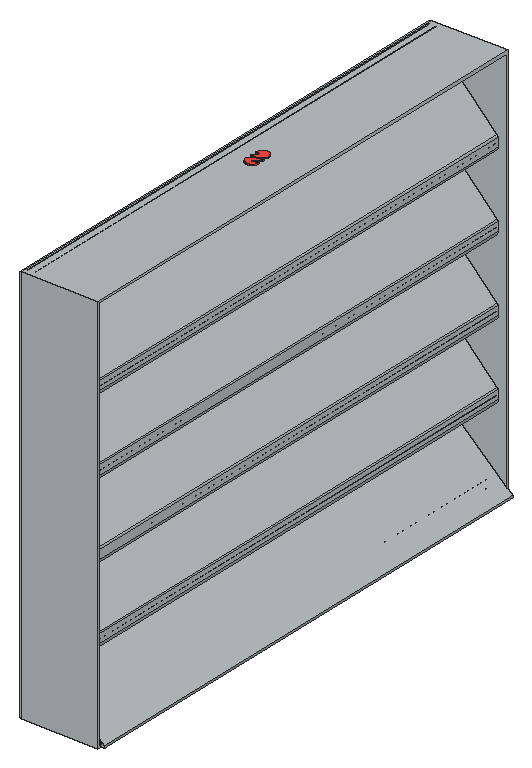
Revit family "NLRS_57_AIR_UN_steel_wheather_wall_louvre_bmxt_exhaust_LT_sacs", category Air Terminals, Revit 2022
Family settings
  Round Connector Dimension = Use Diameter
  Part Type = Normal
  OmniClass Number = 23.75.70.21.27.11
  OmniClass Title = Diffusers, Registers, and Grilles
  Work Plane-Based = No
  Always vertical = No
  Cut with Voids When Loaded = Yes
  Shared = No
  Room Calculation Point = Yes
Parameters (values of type "BMXTGO")
  Type Comments = ""
  SACS_c01_width [instance] = if(SACS_Allow_custom_size, if(not(SACS_Width > 4000.00 mm), roundup(SACS_Width / 5.00 mm) * 5.00 mm, 4000.00 mm), SACS_Price_Width)  # 425.00 mm
  SACS_c01_height [instance] = if(SACS_Allow_custom_size, if(not(SACS_Height > 2025.00 mm), if(not(SACS_Height < 205.00 mm), roundup(SACS_Height / 5.00 mm) * 5.00 mm, 205.00 mm), 2025.00 mm), SACS_Price_Height)  # 325.00 mm
  SACS_Z_Offset [instance] = (60.00 mm * (SACS_Index_Rows)) - 7.00 mm  # 233.00 mm
  SACS_Width [instance] = 425.00 mm
  SACS_Warning_Text_Sound [instance] = if(SACS_Warning_Sound, "Sound over requested value", " ")  # " "
  SACS_Warning_Text_Size [instance] = if(SACS_Warning_Size, if(SACS_Subindex = 3, "Unallowed size selected", "Special size: extra setup cost €46 per size, per order"), " ")  # " "
  SACS_Warning_Text_Ploss [instance] = if(SACS_Warning_Ploss, "Total Pressure loss over requested value", " ")  # " "
  SACS_Warning_Text_Other [instance] = if(and(not(SACS_Standard_RAL), not([Color option (0-4)] = 2)), "Colorchange € 157,-- per delivery and per color", " ")  # " "
  SACS_Warning_Sound [instance] = if(SACS_Lp_dBA > SACS_Max_Lp_dBA, 1 = 1, 1 = 0)  # no
  SACS_Warning_Size [instance] = SACS_Subindex > 1  # no
  SACS_Warning_Sign [instance] = if(and(not(SACS_Warning_Disabled), or(SACS_Warning_Ploss, SACS_Warning_Size, SACS_Warning_Sound)), 1 = 1, 1 = 0)  # no
  SACS_Warning_Ploss [instance] = if(NLRS_M_c01_drukverlies_statisch > SACS_Max_Ploss, 1 = 1, 1 = 0)  # no
  SACS_Warning_Disabled [instance] = no
  SACS_Type_Mark [instance] = ""
  SACS_Subindex [instance] = if(and(SACS_Width = SACS_Price_Width, SACS_Height = SACS_Price_Height), 0, if(and(SACS_Allow_custom_size, SACS_Width = SACS_c01_width, SACS_Height = SACS_c01_height), 1, if(SACS_Allow_custom_size, 2, 3)))  # 0
  SACS_Standard_RAL [instance] = [Color option (0-4)] < 1  # yes
  SACS_Size_Check [instance] = if(SACS_Subindex = 0, "Standard size", if(SACS_Subindex = 1, "Custom size", if(SACS_Subindex = 2, "Corrected custom size (allowed size steps are 5mm)", "Custom sizes are disabled!")))  # "Standard size"
  SACS_Show_Part_3 [instance] = (SACS_c01_height - 10.00 mm) = round((SACS_c01_height - 10.00 mm) / 60.00 mm) * 60.00 mm  # no
  SACS_Show_Part_2 [instance] = and(not(SACS_Show_Part_1), not(SACS_Show_Part_3), not((SACS_c01_height - 25.00 mm) = round((SACS_c01_height - 25.00 mm) / 60.00 mm) * 60.00 mm))  # no
  SACS_Show_Part_1 [instance] = (SACS_c01_height - 20.00 mm) = round((SACS_c01_height - 20.00 mm) / 60.00 mm) * 60.00 mm  # no
  SACS_Show_Arrow [instance] = yes
  SACS_Ps_Calculation [instance] = round(if(SACS_Air_Flow > 0.0 m³/h, (((SACS_Air_Flow / 3600.0 m³/h) / (SACS_Calculation_1 / 10000) / 0.54) ^ 2) * 0.6, 0) * 10) / 10  # 0
  SACS_Product_Cost [instance] = if(and(SACS_c01_width = SACS_Price_Width, SACS_c01_height = SACS_Price_Height), roundup(size_lookup(SACS_Data_Hidden, "Cost", 0, if(SACS_Base_Index = 6, 1.00 mm, 3.00 mm), SACS_Price_Width, SACS_Price_Height) * 1.2), roundup(roundup(size_lookup(SACS_Data_Hidden, "Cost", 0, if(SACS_Base_Index = 6, 1.00 mm, 3.00 mm), SACS_Price_Width, SACS_Price_Height) * 1.2) * 1.1))  # 146
  SACS_Price_Width [instance] = if(SACS_Width > 1825.00 mm, 2025.00 mm, if(SACS_Width > 1625.00 mm, 1825.00 mm, if(SACS_Width > 1425.00 mm, 1625.00 mm, if(SACS_Width > 1225.00 mm, 1425.00 mm, if(SACS_Width > 1025.00 mm, 1225.00 mm, if(SACS_Width > 825.00 mm, 1025.00 mm, if(SACS_Width > 625.00 mm, 825.00 mm, if(SACS_Width > 425.00 mm, 625.00 mm, 425.00 mm))))))))  # 425.00 mm
  SACS_Price_Height [instance] = if(SACS_Height > 1825.00 mm, 2025.00 mm, if(SACS_Height > 1625.00 mm, 1825.00 mm, if(SACS_Height > 1425.00 mm, 1625.00 mm, if(SACS_Height > 1225.00 mm, 1425.00 mm, if(SACS_Height > 1025.00 mm, 1225.00 mm, if(SACS_Height > 825.00 mm, 1025.00 mm, if(SACS_Height > 525.00 mm, 825.00 mm, if(SACS_Height > 325.00 mm, 525.00 mm, 325.00 mm))))))))  # 325.00 mm
  SACS_Price_Date [instance] = size_lookup(SACS_Data_Hidden, "Date", "NB", if(SACS_Base_Index = 6, 1.00 mm, 3.00 mm), SACS_Price_Width, SACS_Price_Height)  # "1-4-2025"
  SACS_Option_5 [instance] = if([Color option (0-4)] < 3, SACS_Color, if(SACS_Non_Standard_RAL, "Custom RAL color", "Custom not RAL color"))  # "Sendzimir galvanised"
  SACS_Option_3 [instance] = if(or(SACS_Base_Index = 2, SACS_Base_Index = 4), "I = Mounting frame", "O = None")  # "O = None"
  SACS_Option_2 [instance] = if(SACS_Base_Index = 6, "G = Galvanised wire mesh", "S = Stainless steel wire mesh")  # "G = Galvanised wire mesh"
  SACS_Option_1 [instance] = "BMXT = Without flange"  # constant formula
  SACS_Non_Standard_RAL [instance] = and([Color option (0-4)] > 0, [Color option (0-4)] < 4)  # no
  SACS_Model [instance] = if(or(SACS_Subindex = 1, SACS_Subindex = 2), size_lookup(SACS_Data_Hidden, "", "NB", SACS_Base_Index * 1.00 mm), size_lookup(SACS_Data_Hidden, "Model", "NB", SACS_Base_Index * 1.00 mm, SACS_c01_width, SACS_c01_height))  # "BMXTGO 425x325"
  SACS_Max_Ploss [instance] = 100.0 Pa
  SACS_Max_Lp_dBA [instance] = 45
  SACS_Lp_dBA [instance] = if(SACS_Lp_Calculation > 0, SACS_Lp_Calculation, 0)  # 0
  SACS_Lp_Calculation [instance] = if(SACS_Air_Flow > 0.0 m³/h, round((50 + (10 * (log(SACS_Calculation_1 / 20000) / log(10)))) + (60 * (log((((NLRS_M_c01_debiet / 3600.0 m³/h) / (SACS_Calculation_1 / 10000) / 0.54)) / 9.22) / log(10)))), 0)  # 0
  SACS_Logo_Z [instance] = if(or(SACS_Base_Index = 5, SACS_Base_Index = 6), -4.50 mm, -1.00 mm)  # -4.50 mm
  SACS_Index_Rows [instance] = rounddown((SACS_c01_height - 85.00 mm) / 60.00 mm)  # 4
  SACS_Hidden_Text [instance] = if(SACS_Non_Standard_RAL, "RALCost", "OtherCost")  # "OtherCost"
  SACS_Height [instance] = 325.00 mm
  SACS_Gross_Cost [instance] = if(or(SACS_Height > 2025.00 mm, SACS_Width > 2025.00 mm), 0, SACS_Product_Cost + SACS_Color_Cost)  # 146
  SACS_Free_Area [instance] = round(SACS_Calculation_1) * 100 mm²  # 42300 mm²
  SACS_Frame_1 [instance] = if(or(SACS_Base_Index = 2, SACS_Base_Index = 4), 1 = 1, 1 = 0)  # no
  SACS_Fill_Length [instance] = if(SACS_c01_height - 85.00 mm - SACS_Z_Offset > 0.00 mm, SACS_c01_height - 85.00 mm - SACS_Z_Offset, 1.00 mm)  # 7.00 mm
  SACS_Factor_NDF6 = -10392644.78
  SACS_Factor_NDF5 = -59134.5206
  SACS_Factor_NDF4 = -665391.5911
  SACS_Factor_NDF3 = 5342.127
  SACS_Factor_NDF2 = -2261030.097
  SACS_Factor_NDF1 = -0.36464
  SACS_Face_Color [instance] = NLRS_57_sendzimir verzinkt_gen_sacs
  SACS_DbA_Text = " dB(A)"  # constant formula
  SACS_Data_Hidden = "BMX"  # constant formula
  SACS_Custom_Color [instance] = ""
  SACS_Color_Cost [instance] = if(SACS_Standard_RAL, 0, size_lookup(SACS_Data_Hidden, SACS_Hidden_Text, 0, if(SACS_Base_Index = 6, 1.00 mm, 3.00 mm), SACS_Price_Width, SACS_Price_Height))  # 0
  SACS_Color [instance] = if([Color option (0-4)] < 1, "Sendzimir galvanised", if([Color option (0-4)] = 1, "RAL9016-30", if([Color option (0-4)] = 2, "RAL9016-70", SACS_Custom_Color)))  # "Sendzimir galvanised"
  SACS_Calculation_3 [instance] = if(SACS_Calculation_2 * 60.00 mm + 79.00 mm > SACS_c01_height - 26.00 mm, SACS_Calculation_2 - 1, SACS_Calculation_2)  # 4
  SACS_Calculation_2 [instance] = rounddown((SACS_c01_height - 20.00 mm) / 60.00 mm)  # 5
  SACS_Calculation_1 [instance] = round(((((SACS_Factor_NDF1 * (SACS_c01_width / 1000.00 mm) ^ 2) + (SACS_Factor_NDF2 * (SACS_c01_height / 1000.00 mm) ^ 2)) / 100000) + (((SACS_Factor_NDF4 * (SACS_c01_width / 1000.00 mm)) + (SACS_Factor_NDF5 * (SACS_c01_height / 1000.00 mm))) / 1000) + (SACS_Factor_NDF3 * (SACS_c01_width / 1000.00 mm) * (SACS_c01_height / 1000.00 mm)) + (SACS_Factor_NDF6 / 1000 ^ 2)) * 10) / 10  # 423.1
  SACS_Base_Index = 6
  SACS_Air_Velocity [instance] = (NLRS_M_c01_debiet / SACS_Free_Area)  # 0.0 m/s
  SACS_Air_Flow [instance] = if(NLRS_M_c01_debiet < 0.0 m³/h, NLRS_M_c01_debiet * -1, NLRS_M_c01_debiet)  # 0.0 m³/h
  SACS_Allow_custom_size [instance] = no
  NLRS_M_c01_hoogte [instance] = SACS_c01_height  # 325.00 mm
  NLRS_M_c01_drukverlies_statisch [instance] = round(if(SACS_Ps_Calculation > 0, SACS_Ps_Calculation, 0)) * 1.0 Pa  # 0.0 Pa
  NLRS_M_c01_debiet [instance] = 0.0 m³/h
  NLRS_M_c01_breedte [instance] = SACS_c01_width  # 425.00 mm
  NLRS_C_model [instance] = SACS_Model  # "BMXTGO 425x325"
  NLRS_C_materiaal_kleur [instance] = SACS_Color  # "Sendzimir galvanised"
  NLRS_C_gtin_code [instance] = size_lookup(SACS_Data_Hidden, "GTIN", "NB", SACS_Base_Index * 1.00 mm, SACS_c01_width, SACS_c01_height)  # "NB"
  NLRS_C_description = Description  # "Solid Air weather louvre BMX (air exhaust)"
  NLRS_C_content_versie = "4.22.01"  # constant formula
  NLRS_C_content_provider = "Solid Air Climate Solutions"  # constant formula
  NLRS_C_content_datum_uitgifte = "09-10-2025"  # constant formula
  NLRS_C_content_creator = "J. Feeke"  # constant formula
  NLRS_C_artikel_code [instance] = size_lookup(SACS_Data_Hidden, "Artikelcode", "NB", SACS_Base_Index * 1.00 mm, SACS_c01_width, SACS_c01_height)  # "8601004795"
  LoadBearing = 1 = 0  # no
  IsExternal = 1 = 0  # no
  URL = "https://solid-air.nl/producten/solid-air-buitenluchtrooster-bmxn-bmxt-staal/"
  Model = "Weather louvre"  # constant formula
  Min Flow = 0.0 m³/h
  Max Flow = 0.0 m³/h
  Manufacturer = "Solid Air Climate Systems"  # constant formula
  IfcExportType = "LOUVRE"  # constant formula
  IfcExportAs = "IfcAirTerminal"  # constant formula
  IfcDescription = Description  # "Solid Air weather louvre BMX (air exhaust)"
  FireRating = "0"  # constant formula
  Description = "Solid Air weather louvre BMX (air exhaust)"  # constant formula
  Default Elevation = 0.00 mm
  Color option (0-4) [instance] = 0
  Assembly Code = "57.0"
Types (2, lengths in mm): name | SACS_Product_Cost | SACS_Option_2 | SACS_Model | SACS_Gross_Cost | SACS_Free_Area | SACS_Factor_NDF6 | SACS_Factor_NDF5 | SACS_Factor_NDF4 | SACS_Factor_NDF3 | SACS_Factor_NDF2 | SACS_Factor_NDF1 | SACS_Calculation_1 | SACS_Base_Index | NLRS_C_model | NLRS_C_artikel_code
  BMXTGO | 146 | "G = Galvanised wire mesh" | "BMXTGO 425x325" | 146 | 42300 mm² | -10392644.78 | -59134.5206 | -665391.5911 | 5342.127 | -2261030.097 | -0.36464 | 423.1 | 6 | "BMXTGO 425x325" | "8601004795"
  BMXTSO | 166 | "S = Stainless steel wire mesh" | "BMXTSO 425x325" | 166 | 31700 mm² | -7794483.584 | -44350.8905 | -499043.6933 | 4006.5952 | -1695772.573 | -0.41529 | 317.3 | 5 | "BMXTSO 425x325" | "8601001745"
Reference planes
  plane 1 "Center (Front/Back)": y = 0
  plane 2: z = 0
  plane 3 "Center (Left/Right)": x = 0
  plane 4 "top": z = 162.5
  plane 5: z = -162.5
  plane 6: y = -212.5
  plane 7: y = 212.5
  plane 8: y = 204
  plane 9: y = -204
  plane 10 "Bottom_Profile": z = -85
  plane 11: z = 159
  plane 12: z = -159
  plane 13: y = 202.5
  plane 14: y = -202.5
  plane 15 "LAMELLEN": x = -49
  plane 16 "Top_Lamel": z = 148
  plane 17: z = -25
  plane 18: z = 35
Forms (mm)
  Sweep 1, solid, material "NLRS_57_sendzimir verzinkt_gen_sacs" <- "SACS_Face_Color", detail levels medium+fine
    path in 3D
      loop
        line (0, -204, 159) -> (0, -204, -159) -> (0, 204, -159) -> (0, 204, 159) -> (0, -204, 159)
    profile "Profile_XT_R22 : Profile_XT_R22" origin (0, 0, 159) x (0, 0, -1) y (1, 0, 0)
      loop
        arc (0, -54.5) -> (0.732, -56.268) -> (2.5, -57) r 2.5
        line (2.5, -57) -> (15, -57) -> (15, -55.5) -> (3.25, -55.5)
        arc (3.25, -55.5) -> (2.013, -54.987) -> (1.5, -53.75) r 1.75
        line (1.5, -53.75) -> (1.5, 6) -> (0, 6) -> (0, -54.5)
  Sweep 2, solid, material "NLRS_57_sendzimir verzinkt_gen_sacs" <- "SACS_Face_Color", detail levels medium+fine
    path in 3D
      loop
        line (-49, -202.5, -85) -> (-49, 202.5, -85)
    profile "Profile_BMX_Bottom_Lamel_R22 : Profile_BMX_Bottom_Lamel_R22" origin (-49, 0, -85) x (0, 0, 1) y (1, 0, 0)
      loop
        line (-0.482, -1.941) -> (-17.726, 2.346)
        arc (-17.726, 2.346) -> (-18.808, 2.791) -> (-19.715, 3.531) r 4
        line (-19.715, 3.531) -> (-70.982, 59.695)
        arc (-70.982, 59.695) -> (-72.154, 59.922) -> (-72.708, 58.864) r 1
        line (-72.708, 58.864) -> (-69.963, 41.531)
        arc (-69.963, 41.531) -> (-64.122, 41.153) -> (-69.236, 44) r 3
        line (-69.236, 44) -> (-68.491, 43.333)
        arc (-68.491, 43.333) -> (-65.081, 41.435) -> (-68.975, 41.687) r 2
        line (-68.975, 41.687) -> (-71.721, 59.021) -> (-20.25, 2.633)
        arc (-20.25, 2.633) -> (-19.343, 1.894) -> (-18.261, 1.448) r 4
        line (-18.261, 1.448) -> (-0.724, -2.911)
        arc (-0.724, -2.911) -> (2.007, 2.23) -> (-2.819, -1.026) r 3
        line (-2.819, -1.026) -> (-1.879, -0.684)
        arc (-1.879, -0.684) -> (1.338, 1.487) -> (-0.482, -1.941) r 2
  Extrusion 3, solid, not visible
    sketch origin (0, 0, 0) x (1, 0, 0) y (0, 1, 0)
      loop
        line (-49, 0.489) -> (-49, -0.489) -> (0, -0.489) -> (0, 0.489) -> (-49, 0.489)
    from -0.5 to 0.5
  Sweep 4, solid, material "NLRS_57_sendzimir verzinkt_gen_sacs" <- "SACS_Face_Color", visible <- "SACS_Show_Part_1", detail levels medium+fine
    path in 3D
      loop
        line (-49, 202.5, 148) -> (-49, -202.5, 148)
    profile "Profile_BMX_Top_Lamel_R22 : Profile_BMX_Top_Lamel_R22" origin (-49, 0, 148) x (1, 0, 0) y (0, 0, 1)
      loop
        arc (46.763, 2.427) -> (42.327, -1.362) -> (48, 0) r 3
        line (48, 0) -> (48, 7.19)
        arc (48, 7.19) -> (47.853, 7.941) -> (47.435, 8.582) r 2
        line (47.435, 8.582) -> (-1.905, 59.303)
        arc (-1.905, 59.303) -> (-2.11, 60.389) -> (-1.188, 61) r 1
        line (-1.188, 61) -> (4.674, 61)
        arc (4.674, 61) -> (6.088, 57.586) -> (2.674, 59) r 2
        line (2.674, 59) -> (1.674, 59)
        arc (1.674, 59) -> (6.795, 56.879) -> (4.674, 62) r 3
        line (4.674, 62) -> (-1.182, 62)
        arc (-1.182, 62) -> (-3.025, 60.778) -> (-2.616, 58.605) r 2
        line (-2.616, 58.605) -> (46.434, 8.182)
        arc (46.434, 8.182) -> (46.853, 7.54) -> (47, 6.788) r 2
        line (47, 6.788) -> (47, 0)
        arc (47, 0) -> (43.218, -0.908) -> (46.176, 1.618) r 2
        line (46.176, 1.618) -> (46.763, 2.427)
  Sweep 5, solid, material "NLRS_57_sendzimir verzinkt_gen_sacs" <- "SACS_Face_Color", visible <- "SACS_Show_Part_2"
    path in 3D
      loop
        line (-49, 202.5, 148) -> (-49, -202.5, 148)
    profile "Profile_BMX_ALT_Top_Lamel_R22 : Profile_BMX_ALT_Top_Lamel_R22" origin (-49, 0, 148) x (1, 0, 0) y (0, 0, 1)
      loop
        arc (46.763, 2.427) -> (42.327, -1.362) -> (48, 0) r 3
        line (48, 0) -> (48, 7.19)
        arc (48, 7.19) -> (47.853, 7.941) -> (47.435, 8.582) r 2
        line (47.435, 8.582) -> (46.159, 9.895)
        arc (46.159, 9.895) -> (45.503, 10.342) -> (44.725, 10.5) r 2
        line (44.725, 10.5) -> (-3, 10.5) -> (-3, 9.5) -> (44.624, 9.5)
        arc (44.624, 9.5) -> (45.11, 9.402) -> (45.52, 9.122) r 1.25
        line (45.52, 9.122) -> (46.434, 8.182)
        arc (46.434, 8.182) -> (46.853, 7.54) -> (47, 6.788) r 2
        line (47, 6.788) -> (47, 0)
        arc (47, 0) -> (43.218, -0.908) -> (46.176, 1.618) r 2
        line (46.176, 1.618) -> (46.763, 2.427)
  Sweep 6, solid, material "NLRS_57_sendzimir verzinkt_gen_sacs", visible <- "SACS_Show_Part_3"
    path in 3D
      loop
        line (-49, 202.5, 148) -> (-49, -202.5, 148)
    profile "Profile_BMX_ALT2_Top_Lamel_R22 : Profile_BMX_ALT2_Top_Lamel_R22" origin (-49, 0, 148) x (1, 0, 0) y (0, 0, 1)
      loop
        arc (46.763, 2.427) -> (42.327, -1.362) -> (48, 0) r 3
        line (48, 0) -> (48, 7.19)
        arc (48, 7.19) -> (47.853, 7.942) -> (47.434, 8.584) r 2
        line (47.434, 8.584) -> (7.033, 50.115)
        arc (7.033, 50.115) -> (4.478, 50.376) -> (3.772, 47.907) r 2
        line (3.772, 47.907) -> (7.04, 40.567) -> (4.312, 33.074)
        arc (4.312, 33.074) -> (0.59, 33.534) -> (3.712, 35.612) r 2
        line (3.712, 35.612) -> (4.3, 36.421)
        arc (4.3, 36.421) -> (-0.374, 33.269) -> (5.232, 32.677) r 3
        line (5.232, 32.677) -> (7.841, 39.846)
        arc (7.841, 39.846) -> (7.961, 40.599) -> (7.789, 41.343) r 2
        line (7.789, 41.343) -> (4.681, 48.324)
        arc (4.681, 48.324) -> (5.034, 49.559) -> (6.311, 49.428) r 1
        line (6.311, 49.428) -> (46.434, 8.182)
        arc (46.434, 8.182) -> (46.853, 7.54) -> (47, 6.788) r 2
        line (47, 6.788) -> (47, 0)
        arc (47, 0) -> (43.218, -0.908) -> (46.176, 1.618) r 2
        line (46.176, 1.618) -> (46.763, 2.427)
Lines and regions (mm)
  model lines, not visible
    curve 1: line (0, 204, 159) -> (0, -204, 159)
    curve 2: line (0, 204, -159) -> (0, 204, 159)
    curve 3: line (0, -204, -159) -> (0, 204, -159)
    curve 4: line (0, -204, 159) -> (0, -204, -159)
    curve 9: line (-49, -202.5, 153.5) -> (-49, 202.5, 153.5)
    curve 10: line (-49, -202.5, -85) -> (-49, 202.5, -85)
    curve 12: line (0, 212.5, 162.5) -> (0, -212.5, 162.5)
    curve 13: line (0, 212.5, -162.5) -> (0, 212.5, 162.5)
    curve 14: line (0, -212.5, -162.5) -> (0, 212.5, -162.5)
    curve 15: line (0, -212.5, 162.5) -> (0, -212.5, -162.5)
    curve 16: line (-49, 202.5, 148) -> (-49, -202.5, 148)
  sketch lines
    curve 5: line (0, 204, 159) -> (0, -204, 159)
    curve 6: line (0, 204, -159) -> (0, 204, 159)
    curve 7: line (0, -204, -159) -> (0, 204, -159)
    curve 8: line (0, -204, 159) -> (0, -204, -159)
    curve 11: line (-49, -202.5, -85) -> (-49, 202.5, -85)
    curve 17: line (-49, 202.5, 148) -> (-49, -202.5, 148)
    curve 18: line (-49, 202.5, 148) -> (-49, -202.5, 148)
    curve 19: line (-49, 202.5, 148) -> (-49, -202.5, 148)
Dimensions and locks
  equal spacing: plane 7, plane 1 "Center (Front/Back)", plane 6
  equal spacing: plane 5, level, plane 4 "top"
  "SACS_c01_height": plane 4 "top" to plane 5
  "SACS_c01_width": plane 7 to plane 6
  locked: plane 7 to plane 8 at 8.5
  locked: plane 9 to plane 6 at 8.5
  locked: plane 10 "Bottom_Profile" to plane 12 at 74
  locked: plane 4 "top" to plane 11 at 3.5
  locked: plane 12 to plane 5 at 3.5
  locked: plane 8 to plane 13 at 1.5
  locked: plane 14 to plane 9 at 1.5
  plane 3 "Center (Left/Right)" to plane 15 "LAMELLEN" = 49.00 mm
  equal spacing: Extrusion 3 sketch curve, plane 1 "Center (Front/Back)", Extrusion 3 sketch curve
  Extrusion 3 sketch curve to Extrusion 3 sketch curve = 0.977 mm
  "SACS_Z_Offset": plane 16 "Top_Lamel" to plane 10 "Bottom_Profile"
  equal spacing: group 1, group 2, group 3, group 4  (x3)
  locked: plane 17 to plane 10 "Bottom_Profile" at 60
  locked: plane 18 to plane 17 at 60
  plane 9 to plane 8 = 408.00 mm
  plane 11 to plane 12 = 318.00 mm
  plane 10 "Bottom_Profile" to plane 12 = 74.00 mm
  plane 16 "Top_Lamel" to plane 10 "Bottom_Profile" = 233.00 mm
  aligned and locked: level to plane 2
  aligned and locked: curve 4 to plane 9
  aligned and locked: curve 1 to plane 11
  aligned and locked: plane 12 to curve 3
  aligned and locked: plane 14 to curve 9
  aligned and locked: plane 13 to curve 9
  aligned and locked: plane 14 to curve 10
  aligned and locked: plane 13 to curve 10
  aligned and locked: plane 15 "LAMELLEN" to Extrusion 3 sketch curve
  aligned and locked: curve 12 to plane 4 "top"
  aligned and locked: plane 7 to curve 13
  aligned and locked: curve 15 to plane 6
  aligned and locked: plane 5 to curve 14
  aligned and locked: plane 15 "LAMELLEN" to nested 2
  aligned and locked: plane 17 to nested 2
  aligned and locked: plane 18 to nested 3
  aligned and locked: nested 1 to plane 1 "Center (Front/Back)"
  aligned and locked: nested 4 to plane 3 "Center (Left/Right)"
  aligned and locked: nested 5 to plane 3 "Center (Left/Right)"
  aligned and locked: plane 13 to curve 16
  aligned and locked: plane 14 to curve 16
  aligned and locked: curve 16 to plane 15 "LAMELLEN"
Automatic sketch dimensions
  plane 3 "Center (Left/Right)" to Extrusion 3 sketch curve = 0.00 mm
  curve 2 to plane 8 = 0.00 mm
  curve 9 to plane 11 = 5.50 mm
  curve 10 to plane 10 "Bottom_Profile" = 0.00 mm
Nested families
  nested 1: "logo_SACS" at (-30.213, 0, 158) x (0, 1, 0) z (0, 0, 1), built-in parameter 1001364 <- "SACS_Logo_Z", type "logo_SACS", detail levels medium+fine
  nested 2: "BMX_Lamel_R22" at (-49, 0, -25), type "BMX_Lamel_R22", detail levels medium+fine
    with Width 405.00 mm, BMX_Width 425.00 mm
  nested 3: "BMX_Lamel_R22" at (-49, 0, 35), type "BMX_Lamel_R22", detail levels medium+fine
    with Width 405.00 mm, BMX_Width 425.00 mm
  nested 4: "symbol_exhaust_single_arrow" at (-29, 0, 0), type "Top"
  nested 5: "symbol_exhaust_single_arrow" at (-29, 0, 0) x (1, 0, 0) z (0, -1, 0), type "Side"
  nested 6: "BMX_Lamel_R22" at (-49, 0, 95), type "BMX_Lamel_R22", detail levels medium+fine
    with Width 405.00 mm, BMX_Width 425.00 mm
  nested 7: "BMX_Lamel_R22" at (-49, 0, 155), type "BMX_Lamel_R22", detail levels medium+fine
    with Width 405.00 mm, BMX_Width 425.00 mm
Connectors
  hvac at (0, 0, 0), driven by "SACS_c01_height", driven by "SACS_c01_width", driven by "NLRS_M_c01_drukverlies_statisch", driven by "NLRS_M_c01_debiet"
    settings: on Extrusion 3, index 1, duct flow 0.0 m³/h, flow factor 0, pres drop 0.0 Pa, loss coef 0, conn angle 0.00°, conn width 425 mm, conn height 325 mm, conn diameter 609.6 mm, duct sys type 2, conn prof type 1, flow config 1, flow direction 1, loss method 4, conn ref index -1, conn util no, is conn primary yes, conn desc ""
Definition of nested family "logo_SACS"
  Parameters (values of type "logo_SACS")
    Scale = 5.00 mm
    Model = "LOD 400"
    Height = 1.50 mm
    Description = "Model type"
    Default Elevation = 1219.20 mm
  Reference planes
    plane 1 "Center (Front/Back)": y = 0
    plane 2: z = 0
    plane 3 "Center (Left/Right)": x = 0
    plane 4: z = 1.5
    plane 5: x = -10
    plane 6: y = -5
    plane 7: y = 5
    plane 8: x = -5
    plane 9: x = 5
    plane 10: x = 10
  Forms (mm)
    Extrusion 1, solid
      sketch origin (-547.644, -297.937, 0) x (1, 0, 0) y (0, 1, 0)
        loop
          arc (542.644, 302.937) -> (537.644, 297.937) -> (542.644, 292.937) r 5
          line (542.644, 292.937) -> (542.644, 297.937) -> (547.644, 292.937) -> (547.644, 297.937) -> (542.644, 302.937)
      from 0 to 1.5
    Extrusion 2, solid
      sketch origin (0, 0, 0) x (1, 0, 0) y (0, 1, 0)
        loop
          arc (5, -5) -> (10, 0) -> (5, 5) r 5
          line (5, 5) -> (5, 0) -> (0, 5) -> (0, 0) -> (5, -5)
      from 0 to 1.5
  Dimensions and locks
    "Scale": plane 7 to plane 1 "Center (Front/Back)"
    "Scale": plane 6 to plane 1 "Center (Front/Back)"
    "Scale": plane 5 to plane 8
    "Scale": plane 8 to plane 3 "Center (Left/Right)"
    "Scale": plane 3 "Center (Left/Right)" to plane 9
    "Scale": plane 9 to plane 10
    "Height": plane 4 to level
    aligned and locked: level to plane 2
    aligned and locked: plane 4 to Extrusion 1
    aligned and locked: plane 4 to Extrusion 2
  Automatic sketch dimensions
    plane 1 "Center (Front/Back)" to Extrusion 1 sketch curve = 0.00 mm  (x3)
    Extrusion 1 sketch curve to plane 8 = 0.00 mm
    Extrusion 1 sketch curve to plane 7 = 0.00 mm
    Extrusion 1 sketch curve to plane 3 "Center (Left/Right)" = 0.00 mm
    Extrusion 1 sketch curve to plane 6 = 0.00 mm
    Extrusion 2 sketch curve to plane 3 "Center (Left/Right)" = 0.00 mm
    plane 1 "Center (Front/Back)" to Extrusion 2 sketch curve = 0.00 mm  (x3)
    Extrusion 2 sketch curve to plane 6 = 0.00 mm
    Extrusion 2 sketch curve to plane 9 = 0.00 mm
    Extrusion 2 sketch curve to plane 7 = 0.00 mm
Definition of nested family "BMX_Lamel_R22"
  Parameters (values of type "BMX_Lamel_R22")
    material = none
    Width = BMX_Width - 20.00 mm  # 480.00 mm
    Type Comments = "(c) 2025"  # constant formula
    Model = "Lamel for BMX"  # constant formula
    Manufacturer = "Solid Air Climate Systems"  # constant formula
    Description = "Last updated: 01-10-2025"  # constant formula
    Default Elevation = 0.00 mm
    BMX_Width = 500.00 mm
  Reference planes
    plane 1 "Center (Front/Back)": y = 0
    plane 2: z = 0
    plane 3 "Center (Left/Right)": x = 0
    plane 4: y = 240
    plane 5: y = -240
  Forms (mm)
    Sweep 1, solid, material <- "material", detail levels medium+fine
      path in 3D
        loop
          line (0, 240, 0) -> (0, -240, 0)
      profile "Profile_BMX_Lamel_R22 : Profile_BMX_Lamel_R22" origin (0, 0, 0) x (1, 0, 0) y (0, 0, 1)
        loop
          arc (46.763, -64.573) -> (42.327, -68.362) -> (48, -67) r 3
          line (48, -67) -> (48, -59.812)
          arc (48, -59.812) -> (47.853, -59.06) -> (47.434, -58.418) r 2
          line (47.434, -58.418) -> (-1.434, -8.182)
          arc (-1.434, -8.182) -> (-1.853, -7.54) -> (-2, -6.788) r 2
          line (-2, -6.788) -> (-2, 0)
          arc (-2, 0) -> (1.798, 0.877) -> (-1.231, -1.576) r 2
          line (-1.231, -1.576) -> (-1.847, -2.364)
          arc (-1.847, -2.364) -> (2.696, 1.315) -> (-3, 0) r 3
          line (-3, 0) -> (-3, -7.188)
          arc (-3, -7.188) -> (-2.853, -7.94) -> (-2.434, -8.582) r 2
          line (-2.434, -8.582) -> (46.434, -58.818)
          arc (46.434, -58.818) -> (46.853, -59.46) -> (47, -60.212) r 2
          line (47, -60.212) -> (47, -67)
          arc (47, -67) -> (43.218, -67.908) -> (46.176, -65.382) r 2
          line (46.176, -65.382) -> (46.763, -64.573)
  Lines and regions (mm)
    model lines
      curve 1: line (0, 240, 0) -> (0, -240, 0)
    sketch lines
      curve 2: line (0, 240, 0) -> (0, -240, 0)
    model lines, not visible
      curve 3: line (-2, 0, 0) -> (2, 0, 0)
  Dimensions and locks
    equal spacing: plane 4, plane 1 "Center (Front/Back)", plane 5
    "Width": plane 4 to plane 5
    aligned and locked: level to plane 2
    aligned and locked: plane 4 to curve 1
    aligned and locked: plane 5 to curve 1
  Automatic sketch dimensions
    curve 1 to plane 3 "Center (Left/Right)" = 0.00 mm
    curve 3 to level = 0.00 mm
    curve 3 to plane 3 "Center (Left/Right)" = 2.00 mm
    plane 3 "Center (Left/Right)" to curve 3 = 2.00 mm
Definition of nested family "symbol_exhaust_single_arrow"
  Parameters (values of type "Side")
    Width = 325.00 mm
    Symbol = yes
    Safe_Length = if(Length < 50.00 mm, 50.00 mm, Length)  # 58.00 mm
    Length = 58.00 mm
    Error = no
    Arrow = yes
  Types (2, lengths in mm): name | Width
    Side | 325.00
    Top | 425.00
  Reference planes
    plane 1 "Center (Front/Back)": y = 0
    plane 2: z = 0
    plane 3 "Center (Left/Right)": x = 0
    plane 4: x = -29
    plane 5: x = 29
    plane 6: y = -162.5
    plane 7: y = 162.5
    plane 8: x = 54
  Lines and regions (mm)
    Filled region 1, type "Solid Fill - Black", in view "Ref. Level", visible <- "Arrow"
      outline origin (246.928, 237.965, 0) x (0, -1, 0) y (1, 0, 0)
        loop
          line (237.965, -17.928) -> (207.965, -77.928) -> (267.965, -77.928) -> (237.965, -17.928)
    Filled region 2, type "Solid Fill - Black", in view "Ref. Level", visible <- "Arrow", not visible
      outline origin (246.928, 237.965, 0) x (0, -1, 0) y (1, 0, 0)
        loop
          line (237.965, -71.928) -> (267.965, -11.928) -> (207.965, -11.928) -> (237.965, -71.928)
    Filled region 3, type "Solid Fill - Red", in view "Ref. Level", visible <- "Error"
      outline origin (0, 0, 0) x (1, 0, 0) y (0, 1, 0)
        loop
          line (-25.8, 75) -> (-20, -12) -> (20, -12) -> (25.8, 75) -> (-25.8, 75)
        loop
          circle (0, -50) r 25
    detail lines, in view "Ref. Level", visible <- "Symbol", detail levels coarse
      curve 1: line (-29, 162.5, 0) -> (29, 162.5, 0)
      curve 2: line (-29, -162.5, 0) -> (-29, 162.5, 0)
      curve 3: line (29, -162.5, 0) -> (-29, -162.5, 0)
      curve 4: line (29, 162.5, 0) -> (29, -162.5, 0)
      curve 7: line (-29, 162.5, 0) -> (29, -162.5, 0)
    detail lines, in view "Ref. Level", visible <- "Arrow"
      curve 5: line (54, 0, 0) -> (206.343, 0, 0)
    detail lines, in view "Ref. Level", visible <- "Arrow", not visible
      curve 6: line (350, 0, 0) -> (197.657, 0, 0)
  Dimensions and locks
    equal spacing: plane 7, plane 1 "Center (Front/Back)", plane 6
    "Width": plane 7 to plane 6
    equal spacing: plane 4, plane 3 "Center (Left/Right)", plane 5
    "Safe_Length": plane 4 to plane 5
    locked: plane 5 to plane 8 at 25
    Filled region 3 sketch curve to Filled region 3 sketch curve = 51.60 mm  (x2)
    Filled region 3 sketch curve to Filled region 3 sketch curve = 40.00 mm  (x2)
    equal spacing: Filled region 3 sketch curve, plane 3 "Center (Left/Right)", Filled region 3 sketch curve  (x2)
    Filled region 3 sketch curve to plane 1 "Center (Front/Back)" to Filled region 3 sketch curve = 12.00 mm locked, 75.00 mm locked
    locked: Filled region 3 sketch curve to plane 1 "Center (Front/Back)" at 50
    diameter of Filled region 3 sketch curve = 50.00 mm
    aligned and locked: plane 4 to curve 2
    aligned and locked: curve 1 to plane 7
    aligned and locked: plane 6 to curve 3
    aligned and locked: curve 4 to plane 5
    aligned and locked: plane 3 "Center (Left/Right)" to Filled region 3 sketch curve
    aligned and locked: plane 8 to curve 5
  Automatic sketch dimensions
    Filled region 1 sketch curve to Filled region 1 sketch curve = 60.00 mm  (x2)
    Filled region 1 sketch curve to Filled region 1 sketch curve = 30.00 mm
    Filled region 2 sketch curve to Filled region 2 sketch curve = 60.00 mm  (x2)
    Filled region 2 sketch curve to Filled region 2 sketch curve = 30.00 mm
